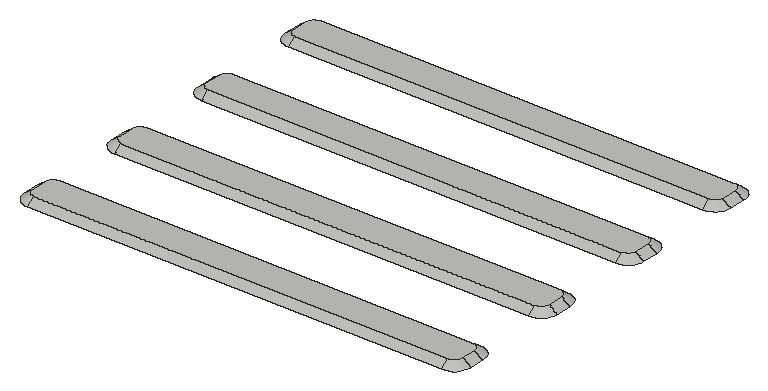
Revit family "Taktila - Start - Stopp - NCS3000", category Generic Models, Revit 2023
Family settings
  Can host rebar = No
  Round Connector Dimension = Use Diameter
  Part Type = Normal
  Work Plane-Based = No
  Always vertical = Yes
  Cut with Voids When Loaded = No
  Maintain Annotation Orientation = No
  Shared = No
  Room Calculation Point = No
Parameters
  Sklisikkerthet [instance] = "R10 (Ihht. DIN 51130-2104)"
  Mål [instance] = "280mmx234.9mm (L: 280mm / B: 30mm / H: 3,6mm - Ø: 30mm / H: 3,6mm)"
  Materiale [instance] = "Resirkulert nylon plast. PA 15%gf"
  Innfesting [instance] = "3M™ VHB™ tape"
  Farge [instance] = "NCS3000-N - Lys Grå"
  EDP [instance] = "Miljødeklarasjon"
  Default Elevation = 0.0 mm
Reference planes
  plane 1 "Center (Front/Back)": y = 0
  plane 2: z = 0
  plane 3 "Center (Left/Right)": x = 0
Dimensions and locks
  plane 1 "Center (Front/Back)" to nested 4 = 234.9 mm
  aligned and locked: level to plane 2
Nested families
  nested 1: "Taktila - Objekt 2 - (Lang 280mm) - NCS3000" at (140, -15, 0), type "Taktila - Objekt 2 - (Lang 280mm) - NCS3000"
  nested 2: "Taktila - Objekt 2 - (Lang 280mm) - NCS3000" at (140, -83.3, 0), type "Taktila - Objekt 2 - (Lang 280mm) - NCS3000"
  nested 3: "Taktila - Objekt 2 - (Lang 280mm) - NCS3000" at (140, -151.6, 0), type "Taktila - Objekt 2 - (Lang 280mm) - NCS3000"
  nested 4: "Taktila - Objekt 2 - (Lang 280mm) - NCS3000" at (140, -219.9, 0), type "Taktila - Objekt 2 - (Lang 280mm) - NCS3000"
Definition of nested family "Taktila - Objekt 2 - (Lang 280mm) - NCS3000"
  Parameters (values of type "Taktila - Objekt 2 - (Lang 280mm) - NCS3000")
    Sklisikkerhet [instance] = "R10 (Ihht. DIN 51130-2104)"
    Materiale [instance] = "Resirkulert nylon plast. PA 15%gf"
    Mål [instance] = "L: 280mm / B: 30mm / H: 3,6mm - Ø: 30mm / H: 3,6mm"
    Material [instance] = none
    Innfesting [instance] = "3M™ VHB™ tape"
    Farge [instance] = "NCS3000-N Lys Grå"
    EDP [instance] = "Miljødeklarasjon"
    Default Elevation = 0.0 mm
  Reference planes
    plane 1 "Center (Front/Back)": y = 0
    plane 2: z = 0
    plane 3 "Center (Left/Right)": x = 0
  Forms (mm)
    Blend 1, solid
      base sketch origin (0, 0, 0) x (1, 0, 0) y (0, 1, 0)
        loop
          arc (-130, 15) -> (-137.071, 12.071) -> (-140, 5) r 10
          line (-140, 5) -> (-140, -5)
          arc (-140, -5) -> (-137.071, -12.071) -> (-130, -15) r 10
          line (-130, -15) -> (130, -15)
          arc (130, -15) -> (137.071, -12.071) -> (140, -5) r 10
          line (140, -5) -> (140, 5)
          arc (140, 5) -> (137.071, 12.071) -> (130, 15) r 10
          line (130, 15) -> (-130, 15)
      top sketch origin (0, 0, 0) x (1, 0, 0) y (0, 1, 0)
        loop
          arc (-130, 10) -> (-133.536, 8.536) -> (-135, 5) r 5
          line (-135, 5) -> (-135, -5)
          arc (-135, -5) -> (-133.536, -8.536) -> (-130, -10) r 5
          line (-130, -10) -> (130, -10)
          arc (130, -10) -> (133.536, -8.536) -> (135, -5) r 5
          line (135, -5) -> (135, 5)
          arc (135, 5) -> (133.536, 8.536) -> (130, 10) r 5
          line (130, 10) -> (-130, 10)
      from 0 to 3.6
  Dimensions and locks
    aligned and locked: level to plane 2
